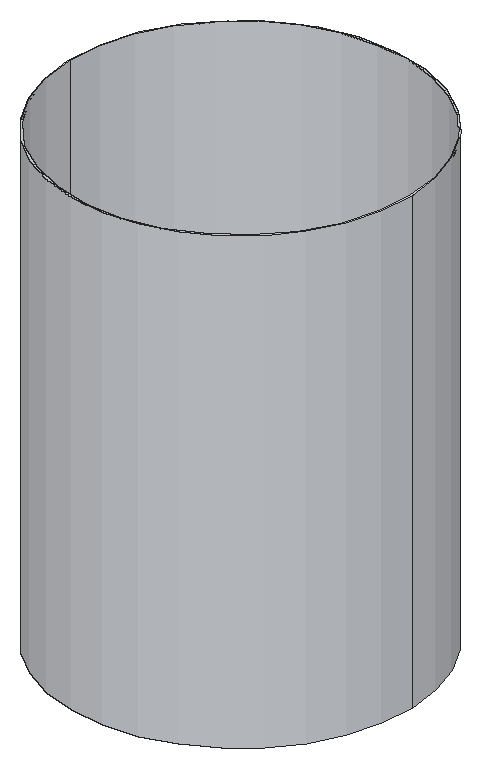
Revit family "LoadingAI_Opening_Vertical", category Generic Models, Revit 2027
Family settings
  Can host rebar = No
  Round Connector Dimension = Use Diameter
  Part Type = Normal
  Work Plane-Based = No
  Always vertical = Yes
  Cut with Voids When Loaded = Yes
  Maintain Annotation Orientation = No
  Shared = No
  Room Calculation Point = No
Parameters (values of type "Circle")
  Width [instance] = 300 mm
  Rectangle = no
  Radius - 1mm [instance] = Radius - 1 mm  # 149 mm
  Radius [instance] = 150 mm
  Outer Width [instance] = 300 mm
  Outer Height [instance] = 300 mm
  OP_WidthMm [instance] = ""
  OP_SourceId [instance] = ""
  OP_Shape [instance] = ""
  OP_Key [instance] = ""
  OP_HostLinked [instance] = ""
  OP_HostId [instance] = ""
  OP_HeightMm [instance] = ""
  OP_DepthMm [instance] = ""
  Model = ""
  Height [instance] = 300 mm
  Depth [instance] = 400 mm
  Default Elevation = 0 mm
  Circle = yes
Types (2, lengths in mm): name | Rectangle | Circle
  Rectangle | yes | no
  Circle | no | yes
Reference planes
  plane 1 "Center (Front/Back)": y = 0
  plane 2 "Bottom": z = 0
  plane 3 "Center (Left/Right)": x = 0
  plane 4 "Top": z = 400
  plane 5: x = 150
  plane 6: x = -150
  plane 7 "Back": y = 150
  plane 8 "Front": y = -150
Forms (mm)
  Extrusion 1, solid, visible <- "Rectangle"
    sketch origin (0, 0, -250) x (-1, 0, 0) y (0, -1, 0)
      loop
        line (150, -150) -> (150, 150) -> (-150, 150) -> (-150, -150) -> (150, -150)
      loop
        line (149, -149) -> (149, 149) -> (-149, 149) -> (-149, -149) -> (149, -149)
    from 650 to 250
  Extrusion 2, void
    sketch origin (0, 0, -250) x (-1, 0, 0) y (0, -1, 0)
      loop
        line (150, -150) -> (150, 150) -> (-150, 150) -> (-150, -150) -> (150, -150)
    from 650 to 250
  Extrusion 3, solid, visible <- "Circle"
    sketch origin (0, 0, -250) x (-1, 0, 0) y (0, -1, 0)
      loop
        circle (0, 0) r 150
      loop
        circle (0, 0) r 149
    from 650 to 250
  Extrusion 4, void
    sketch origin (0, 0, -250) x (-1, 0, 0) y (0, -1, 0)
      loop
        circle (0, 0) r 150
    from 650 to 250
Lines and regions (mm)
  model lines
    curve 1: line (-150, 150, 0) -> (150, -150, 0)
    curve 2: line (150, 150, 0) -> (-150, -150, 0)
    curve 3: line (150, 150, 400) -> (-150, -150, 400)
    curve 4: line (-150, 150, 400) -> (150, -150, 400)
Dimensions and locks
  equal spacing: plane 8 "Front", plane 1 "Center (Front/Back)", plane 7 "Back"
  locked: Extrusion 1 sketch curve to Extrusion 1 sketch curve at 1  (x4)
  equal spacing: plane 6, plane 3 "Center (Left/Right)", plane 5
  "Depth": plane 4 "Top" to plane 2 "Bottom"
  "Width": plane 6 to plane 5
  "Height": plane 8 "Front" to plane 7 "Back"
  "Radius": radius of Extrusion 3 sketch curve
  "Radius - 1mm": radius of Extrusion 3 sketch curve
  "Radius": radius of Extrusion 4 sketch curve
  aligned and locked: level to plane 2 "Bottom"
  aligned and locked: plane 7 "Back" to Extrusion 1 sketch curve
  aligned and locked: plane 6 to Extrusion 1 sketch curve
  aligned and locked: plane 8 "Front" to Extrusion 1 sketch curve
  aligned and locked: Extrusion 1 sketch curve to plane 5
  aligned and locked: plane 4 "Top" to Extrusion 1
  aligned and locked: Extrusion 1 to plane 2 "Bottom"
  aligned and locked: plane 7 "Back" to Extrusion 2 sketch curve
  aligned and locked: plane 6 to Extrusion 2 sketch curve
  aligned and locked: plane 8 "Front" to Extrusion 2 sketch curve
  aligned and locked: Extrusion 2 sketch curve to plane 5
  aligned and locked: plane 4 "Top" to Extrusion 2
  aligned and locked: Extrusion 2 to plane 2 "Bottom"
  aligned and locked: plane 4 "Top" to Extrusion 3
  aligned and locked: Extrusion 3 to plane 2 "Bottom"
  aligned and locked: plane 2 "Bottom" to Extrusion 4
  aligned and locked: plane 4 "Top" to Extrusion 4
  aligned and locked: plane 8 "Front" to curve 2
  aligned and locked: plane 5 to curve 1
  aligned and locked: plane 6 to curve 1
  aligned and locked: plane 5 to curve 3
  aligned and locked: plane 6 to curve 3
  aligned and locked: plane 7 "Back" to curve 4
  aligned and locked: plane 5 to curve 4
Automatic sketch dimensions
  plane 7 "Back" to curve 3 = 0 mm
  curve 3 to plane 8 "Front" = 0 mm
  curve 4 to plane 6 = 0 mm
  curve 4 to plane 8 "Front" = 0 mm
  curve 2 to plane 6 = 0 mm
  curve 2 to plane 5 = 0 mm
  plane 7 "Back" to curve 2 = 0 mm
  curve 1 to plane 8 "Front" = 0 mm
  plane 7 "Back" to curve 1 = 0 mm
  Extrusion 3 sketch curve to Extrusion 3 sketch curve = 0 mm  (x2)
  plane 1 "Center (Front/Back)" to Extrusion 3 sketch curve = 0 mm
  Extrusion 3 sketch curve to plane 3 "Center (Left/Right)" = 0 mm
  plane 1 "Center (Front/Back)" to Extrusion 4 sketch curve = 0 mm
  Extrusion 4 sketch curve to plane 3 "Center (Left/Right)" = 0 mm
